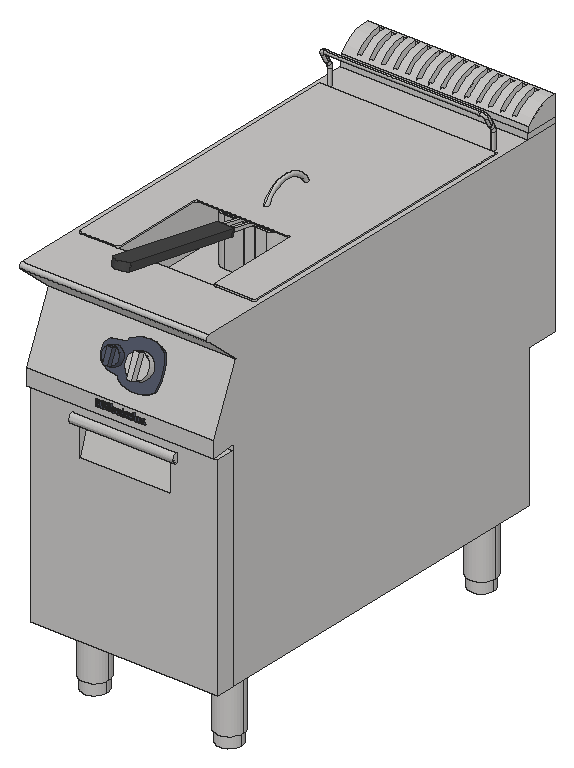
Revit family "QF_ELECTROLUXPROFESSIONAL_391077_E9FRGD1GF0", category Specialty Equipment, Revit 2018
Family settings
  Round Connector Dimension = Use Diameter
  Part Type = Normal
  Work Plane-Based = No
  Always vertical = Yes
  Cut with Voids When Loaded = No
  Shared = No
  Room Calculation Point = No
Parameters
  Width = 400 mm  # constant formula
  Weight in Pounds = 50  # constant formula
  Watts = 0 W
  URL Cutsheet = "www.electrolux.com/foodservice"
  URL = "www.electrolux.com/foodservice"
  Type Mark [instance] = ""
  Status [instance] = ""
  Specification by User [instance] = ""
  Specification by Manufacturer = ""
  Show Logo [instance] = yes
  Show Clearance [instance] = yes
  Serial Number = ""
  Seismic Rating = ""
  SMACNA No = ""
  Revision Code [instance] = ""
  Omniclass Number and Title = ""
  NAFEM Spec ID Number = ""
  Model = "391077"
  Mechanical Remarks [instance] = ""
  Mechanical Connection Type [instance] = ""
  Masterspec = ""
  Manufacturer = "ELECTROLUX"
  Item Number [instance] = ""
  Installed By [instance] = ""
  Identify Quantity as Lot [instance] = yes
  Height = 851 mm  # constant formula
  HP = "0 HP"
  Gas Size = 12.7 mm  # 1/2"
  Gas RI Height [instance] = 0 mm
  Gas KW = 14  # constant formula
  Gas Input = 13987.1 VA  # 47726.0 Btu/h
  Gas Connection Height = 0 mm
  Furnished By [instance] = ""
  Foodservice Equipment Identifier [instance] = yes
  Direct Waste Size = 0"
  Description = "900XP ONE 15 LT WELL GAS FRYER - LPG/NATURAL GAS"
  Depth = 930 mm  # constant formula
  CSI MasterFormat = ""
  CSI Master Format = ""
  Base Height [instance] = 150 mm  # constant formula
Reference planes
  plane 1 "BACK": y = 0
  plane 2: z = 0
  plane 3 "LEFT": x = 0
  plane 4 "RIGHT": x = 400
  plane 5 "FRONT": y = -930
  plane 6 "TOP": z = 908
  plane 7 "Center Y": x = 200
  plane 8 "Center X": y = -465
  plane 9 "BASE": z = 601.763
  plane 10 "TOP A": z = 851
  plane 11: z = 150
  plane 12: y = -126
  plane 13: y = -800
  plane 14: y = -1273
  plane 15: x = 344
  plane 16: x = 56
  plane 17: x = 344
  plane 18: y = -715
  plane 19: z = 921
  plane 20: z = 931
  plane 21: y = -1273
  plane 22: x = 355
  plane 23: y = -1450
Forms (mm)
  Extrusion 1, solid, material "QF_Finishes_Stainless Steel"
    sketch origin (0, 0, 0) x (0, 1, 0) y (0, 0, 1)
      loop
        line (0, 851) -> (-923.65, 851)
        arc (-923.65, 851) -> (-929.517, 847.08) -> (-928.14, 840.16) r 6.35
        line (-928.14, 840.16) -> (-852.034, 773.495) -> (-912.145, 642.892) -> (-912.145, 608.853) -> (-858.773, 614.463) -> (-858.773, 150) -> (-70, 150) -> (-70, 451.763) -> (0, 451.763) -> (0, 851)
      loop
        line (-900, 601.763) -> (-900, 150) -> (-860.361, 150) -> (-860.361, 601.763) -> (-900, 601.763)
    from 0 to 400
  Extrusion 2, void
    sketch origin (0, 0, 851) x (-1, 0, 0) y (0, -1, 0)
      loop
        line (-33.338, 141.304) -> (-33.338, 787.143) -> (-366.662, 787.143) -> (-366.662, 141.304) -> (-33.338, 141.304)
    from 0 to -152.4
  Extrusion 3, solid, material "QF_Finishes_Stainless Steel"
    sketch origin (0, 0, 851) x (-1, 0, 0) y (0, -1, 0)
      loop
        arc (-11.548, 780.793) -> (-13.408, 785.283) -> (-17.898, 787.143) r 6.35
        line (-17.898, 787.143) -> (-90.863, 787.143)
        arc (-90.863, 787.143) -> (-95.353, 785.283) -> (-97.213, 780.793) r 6.35
        line (-97.213, 780.793) -> (-97.213, 586.546)
        arc (-97.213, 586.546) -> (-99.072, 582.055) -> (-103.563, 580.196) r 6.35
        line (-103.563, 580.196) -> (-293.937, 580.196)
        arc (-293.937, 580.196) -> (-298.428, 582.055) -> (-300.287, 586.546) r 6.35
        line (-300.287, 586.546) -> (-300.287, 780.818)
        arc (-300.287, 780.818) -> (-302.14, 785.291) -> (-306.612, 787.143) r 6.325
        line (-306.612, 787.143) -> (-382.102, 787.143)
        arc (-382.102, 787.143) -> (-386.592, 785.283) -> (-388.452, 780.793) r 6.35
        line (-388.452, 780.793) -> (-388.452, 141.304) -> (-11.548, 141.304) -> (-11.548, 780.793)
    from 0 to 2.574
  Sweep 4, solid, material "QF_Finishes_Stainless Steel"
    path origin (200, 10.469, 0) x (0, 1, 0) y (0, 0, 1)
      loop
        arc (-423.261, 851) -> (-477.7, 884.779) -> (-532.139, 851) r 60.757
    profile origin (200, -467.231, 884.779) x (0, 0, -1) y (1, 0, 0)
      loop
        circle (0, 0) r 4.353
  Extrusion 5, solid, material "QF_Clearances", visible <- "Show Clearance", detail levels coarse
    sketch origin (0, 0, 0) x (1, 0, 0) y (0, 1, 0)
      loop
        line (0, -930) -> (0, 0) -> (400, 0) -> (400, -930) -> (550.019, -930) -> (550.019, 150.019) -> (-150.019, 150.019) -> (-150.019, -930) -> (0, -930)
    from 0 to 908
  Revolve 6, solid, material "QF_Finishes_Stainless Steel"
    sketch origin (0, -126, 608.09) x (0, 0, 1) y (-1, 0, 0)
      loop
        line (-608.09, -56) -> (-458.09, -56) -> (-458.09, -26) -> (-583.09, -26) -> (-583.09, -29.75) -> (-608.09, -29.75) -> (-608.09, -56)
      axis (-608.09, -56) -> (-458.09, -56)
    angle from 0 to 360
  Revolve 7, solid, material "QF_Finishes_Stainless Steel"
    sketch origin (400.05, -126, 608.09) x (0, 0, 1) y (-1, 0, 0)
      loop
        line (-608.09, 56.05) -> (-608.09, 29.8) -> (-583.09, 29.8) -> (-583.09, 26.05) -> (-458.09, 26.05) -> (-458.09, 56.05) -> (-608.09, 56.05)
      axis (-608.09, 56.05) -> (-458.09, 56.05)
    angle from 0 to 360
  Extrusion 8, solid, material "QF_Door-Drawer Clearances", visible <- "Show Clearance", detail levels coarse
    sketch origin (0, 0, 851) x (-1, 0, 0) y (0, -1, 0)
      loop
        line (-400, 1273) -> (-400, 900) -> (-0.912, 900)
        arc (-0.912, 900) -> (-126.87, 1165.233) -> (-400, 1273) r 400
    from -701 to -249.237
  Revolve 9, solid, material "QF_Finishes_Stainless Steel"
    sketch origin (400.05, -800, 608.09) x (0, 0, 1) y (-1, 0, 0)
      loop
        line (-608.09, 56.05) -> (-608.09, 29.8) -> (-583.09, 29.8) -> (-583.09, 26.05) -> (-458.09, 26.05) -> (-458.09, 56.05) -> (-608.09, 56.05)
      axis (-608.09, 56.05) -> (-458.09, 56.05)
    angle from 0 to 360
  Extrusion 10, solid, material "QF_Finishes_Stainless Steel"
    sketch origin (200, 0, 0) x (0, 1, 0) y (0, 0, 1)
      loop
        line (-71.89, 863.9) -> (-71.89, 851) -> (0, 851) -> (0, 863.9) -> (-71.89, 863.9)
    from -200 to 200
  Extrusion 11, void
    sketch origin (200, -12.863, 0) x (0, 1, 0) y (0, 0, 1)
      loop
        line (-887.138, 564.263) -> (-887.138, 500.55) -> (-863.948, 564.263) -> (-887.138, 564.263)
    from -96.424 to 99.144
  Extrusion 12, solid, material "QF_Finishes_Stainless Steel"
    sketch origin (200, -12.863, 22.5) x (0, 1, 0) y (0, 0, 1)
      loop
        line (-887.137, 541.763) -> (-887.137, 561.763)
        arc (-887.137, 561.763) -> (-897.137, 551.763) -> (-887.137, 541.763) r 10
    from -110.529 to 112.106
  Revolve 13, solid, material "QF_Finishes_Stainless Steel"
    sketch origin (0, -800, 608.09) x (0, 0, 1) y (1, 0, 0)
      loop
        line (-608.09, 56) -> (-608.09, 29.75) -> (-583.09, 29.75) -> (-583.09, 26) -> (-458.09, 26) -> (-458.09, 56) -> (-608.09, 56)
      axis (-608.09, 56) -> (-458.09, 56)
    angle from 0 to 360
  Extrusion 14, solid, material "QF_Finishes_Stainless Steel"
    sketch origin (265.958, 109.846, 107.43) x (0, 0.984808, 0.173648) y (0, -0.173648, 0.984808)
      loop
        line (-552.44, 743.096) -> (-534.513, 844.764) -> (-598.426, 869.678) -> (-600.732, 863.761) -> (-541.671, 840.739) -> (-558.694, 744.199) -> (-552.44, 743.096)
    from -80.476 to -74.619
  Extrusion 15, solid, material "QF_Finishes_Mesh"
    sketch origin (74.995, -64.779, 844.25) x (-1, 0, 0) y (0, -1, 0)
      loop
        arc (-76.6, 120.481) -> (-58.64, 127.92) -> (-51.2, 145.881) r 25.4
        line (-51.2, 145.881) -> (-51.2, 481.11)
        arc (-51.2, 481.11) -> (-58.64, 499.071) -> (-76.6, 506.51) r 25.4
        line (-76.6, 506.51) -> (-166.875, 506.51)
        arc (-166.875, 506.51) -> (-184.836, 499.071) -> (-192.275, 481.11) r 25.4
        line (-192.275, 481.11) -> (-192.275, 145.881)
        arc (-192.275, 145.881) -> (-184.836, 127.92) -> (-166.875, 120.481) r 25.4
        line (-166.875, 120.481) -> (-76.6, 120.481)
      loop
        arc (-76.6, 123.656) -> (-60.885, 130.165) -> (-54.375, 145.881) r 22.225
        line (-54.375, 145.881) -> (-54.375, 481.11)
        arc (-54.375, 481.11) -> (-60.885, 496.826) -> (-76.6, 503.335) r 22.225
        line (-76.6, 503.335) -> (-166.875, 503.335)
        arc (-166.875, 503.335) -> (-182.591, 496.826) -> (-189.1, 481.11) r 22.225
        line (-189.1, 481.11) -> (-189.1, 145.881)
        arc (-189.1, 145.881) -> (-182.591, 130.165) -> (-166.875, 123.656) r 22.225
        line (-166.875, 123.656) -> (-76.6, 123.656)
    from -109 to -5.315
  Extrusion 16, solid, material "QF_Finishes_Black"
    sketch origin (134.033, -843.725, 906.181) x (0, 0.980628, -0.195878) y (-1, 0, 0)
      loop
        arc (-64.658, -47.345) -> (-74.885, -65.962) -> (-64.658, -84.58) r 22.059
        line (-64.658, -84.58) -> (214.638, -84.58)
        arc (214.638, -84.58) -> (217.113, -83.554) -> (218.138, -81.08) r 3.5
        line (218.138, -81.08) -> (218.138, -50.854)
        arc (218.138, -50.854) -> (217.11, -48.372) -> (214.629, -47.345) r 3.509
        line (214.629, -47.345) -> (-64.658, -47.345)
    from -15.884 to 0
  Extrusion 17, solid, material "QF_Finishes_Stainless Steel"
    sketch origin (0, 0, 574.263) x (0, 1, 0) y (0, 0, 1)
      loop
        line (0, 289.638) -> (0, 333.737)
        arc (0, 333.737) -> (-39.336, 326.03) -> (-69.85, 300.038) r 79.141
        line (-69.85, 300.038) -> (-69.85, 289.638) -> (0, 289.638)
    from 0 to 400
  Extrusion 18, void
    sketch origin (0, 0, 848.9) x (0, -1, 0) y (1, 0, 0)
      loop
        line (6.761, 29.703) -> (63.911, 29.703) -> (63.911, 38.999) -> (6.761, 38.999) -> (6.761, 29.703)
      loop
        line (63.911, 64.487) -> (6.761, 64.487) -> (6.761, 55.191) -> (63.911, 55.191) -> (63.911, 64.487)
      loop
        line (63.911, 89.975) -> (6.761, 89.975) -> (6.761, 80.68) -> (63.911, 80.68) -> (63.911, 89.975)
      loop
        line (63.911, 115.464) -> (6.761, 115.464) -> (6.761, 106.168) -> (63.911, 106.168) -> (63.911, 115.464)
      loop
        line (63.911, 140.952) -> (6.761, 140.952) -> (6.761, 131.656) -> (63.911, 131.656) -> (63.911, 140.952)
      loop
        line (63.911, 166.44) -> (6.761, 166.44) -> (6.761, 157.145) -> (63.911, 157.145) -> (63.911, 166.44)
      loop
        line (63.911, 191.929) -> (6.761, 191.929) -> (6.761, 182.633) -> (63.911, 182.633) -> (63.911, 191.929)
      loop
        line (63.911, 217.417) -> (6.761, 217.417) -> (6.761, 208.121) -> (63.911, 208.121) -> (63.911, 217.417)
      loop
        line (63.911, 242.905) -> (6.761, 242.905) -> (6.761, 233.61) -> (63.911, 233.61) -> (63.911, 242.905)
      loop
        line (63.911, 268.394) -> (6.761, 268.394) -> (6.761, 259.098) -> (63.911, 259.098) -> (63.911, 268.394)
      loop
        line (63.911, 293.882) -> (6.761, 293.882) -> (6.761, 284.586) -> (63.911, 284.586) -> (63.911, 293.882)
      loop
        line (63.911, 319.37) -> (6.761, 319.37) -> (6.761, 310.075) -> (63.911, 310.075) -> (63.911, 319.37)
      loop
        line (63.911, 344.859) -> (6.761, 344.859) -> (6.761, 335.563) -> (63.911, 335.563) -> (63.911, 344.859)
      loop
        line (63.911, 370.347) -> (6.761, 370.347) -> (6.761, 361.051) -> (63.911, 361.051) -> (63.911, 370.347)
    from 25.4 to 63.5
  Sweep 19, solid, material "QF_Finishes_Stainless Steel"
    path origin (0, 0, 0) x (0, 1, 0) y (0, 0, 1)
      loop
        line (-133.218, 851) -> (-133.218, 886.76)
        arc (-133.218, 886.76) -> (-133.779, 891.022) -> (-135.424, 894.993) r 16.466
        line (-135.424, 894.993) -> (-140.718, 904.162)
    profile origin (0, -133.218, 868.88) x (0, -1, 0) y (1, 0, 0)
      loop
        circle (0.001, 25.269) r 3.999
      loop
        circle (0.001, 374.731) r 3.999
  Sweep 20, solid, material "QF_Finishes_Stainless Steel"
    path origin (0, -68.628, 777.297) x (-1, 0, 0) y (0, -0.5, 0.866025)
      loop
        line (-374.731, 144.182) -> (-374.731, 165.819)
        arc (-374.731, 165.819) -> (-372.68, 170.768) -> (-367.731, 172.819) r 7
        line (-367.731, 172.819) -> (-32.269, 172.819)
        arc (-32.269, 172.819) -> (-27.32, 170.768) -> (-25.269, 165.819) r 7
        line (-25.269, 165.819) -> (-25.269, 144.182)
    profile origin (374.731, -146.128, 911.531) x (1, 0, 0) y (0, 0.866025, 0.5)
      loop
        circle (0, 0) r 4
  Extrusion 21, solid, material "QF_Finishes_Navy Blue", visible <- "Show Logo"
    sketch origin (0, -912.145, 608.853) x (0, 0, 1) y (-1, 0, 0)
      loop
        line (27.359, -159.055) -> (14.993, -159.055)
        arc (14.993, -159.055) -> (21.176, -163.626) -> (27.359, -159.055) r 6.467
      loop
        arc (27.359, -158.426) -> (26.19, -153.283) -> (21.534, -150.805) r 6.338
        line (21.534, -150.805) -> (21.534, -152.851)
        arc (21.534, -152.851) -> (23.018, -156.506) -> (26.464, -158.426) r 5.941
        line (26.464, -158.426) -> (27.359, -158.426)
      loop
        arc (15.888, -158.426) -> (19.334, -156.506) -> (20.817, -152.851) r 5.941
        line (20.817, -152.851) -> (20.817, -150.805)
        arc (20.817, -150.805) -> (16.123, -153.279) -> (14.834, -158.426) r 6.504
        line (14.834, -158.426) -> (15.888, -158.426)
      loop
        line (28.034, -150.336) -> (14.29, -150.336) -> (14.29, -164.099) -> (28.034, -164.099) -> (28.034, -150.336)
      loop
        arc (28.118, -167.066) -> (27.77, -166.709) -> (27.403, -167.047) r 0.358
        arc (27.403, -167.047) -> (27.089, -167.797) -> (26.372, -168.182) r 1.216
        line (26.372, -168.182) -> (15.959, -168.182)
        arc (15.959, -168.182) -> (15.299, -167.904) -> (14.903, -167.308) r 1.238
        arc (14.903, -167.308) -> (14.509, -167.057) -> (14.203, -167.411) r 0.358
        line (14.203, -167.411) -> (14.203, -177.29) -> (16.954, -177.29) -> (16.954, -176.393)
        arc (16.954, -176.393) -> (16.045, -175.813) -> (15.589, -174.836) r 1.928
        line (15.589, -174.836) -> (15.589, -172.337)
        arc (15.589, -172.337) -> (15.865, -171.608) -> (16.553, -171.244) r 1.101
        line (16.553, -171.244) -> (20.64, -171.244) -> (20.64, -174.917)
        arc (20.64, -174.917) -> (20.287, -175.414) -> (19.722, -175.642) r 1.083
        arc (19.722, -175.642) -> (19.459, -175.948) -> (19.751, -176.226) r 0.292
        line (19.751, -176.226) -> (22.713, -176.226)
        arc (22.713, -176.226) -> (23.016, -175.953) -> (22.777, -175.623) r 0.305
        arc (22.777, -175.623) -> (22.286, -175.375) -> (21.981, -174.917) r 1.083
        line (21.981, -174.917) -> (21.981, -171.244) -> (26.659, -171.244) -> (26.659, -174.991)
        arc (26.659, -174.991) -> (26.444, -175.747) -> (25.838, -176.245) r 1.314
        arc (25.838, -176.245) -> (25.619, -176.649) -> (25.973, -176.941) r 0.361
        line (25.973, -176.941) -> (28.118, -176.941) -> (28.118, -167.066)
      loop
        arc (27.4, -177.722) -> (27.02, -178.641) -> (26.101, -179.021) r 1.299
        line (26.101, -179.021) -> (16.522, -179.021)
        arc (16.522, -179.021) -> (15.684, -178.643) -> (15.413, -177.765) r 1.118
        line (15.413, -177.765) -> (14.203, -177.765) -> (14.203, -183.115) -> (15.391, -183.115)
        arc (15.391, -183.115) -> (15.663, -182.198) -> (16.533, -181.802) r 1.153
        line (16.533, -181.802) -> (28.605, -181.802) -> (27.4, -177.722)
      loop
        line (19.168, -185.751) -> (19.168, -192.198) -> (19.967, -192.198)
        arc (19.967, -192.198) -> (22.547, -191.214) -> (23.816, -188.76) r 3.874
        line (23.816, -188.76) -> (23.816, -187)
        arc (23.816, -187) -> (22.629, -184.135) -> (19.765, -182.949) r 4.051
        line (19.765, -182.949) -> (17.757, -182.949)
        arc (17.757, -182.949) -> (14.938, -184.434) -> (13.887, -187.441) r 4.352
        arc (13.887, -187.441) -> (14.251, -189.904) -> (15.629, -191.978) r 5.713
        line (15.629, -191.978) -> (16.578, -191.978)
        arc (16.578, -191.978) -> (15.845, -190.409) -> (15.629, -188.691) r 5.579
        arc (15.629, -188.691) -> (16.422, -186.728) -> (18.301, -185.751) r 3.057
        line (18.301, -185.751) -> (19.168, -185.751)
      loop
        line (20.427, -185.751) -> (20.427, -189.333)
        arc (20.427, -189.333) -> (21.884, -189.38) -> (22.767, -188.221) r 1.59
        line (22.767, -188.221) -> (22.767, -187.391)
        arc (22.767, -187.391) -> (21.902, -186.136) -> (20.427, -185.751) r 2.184
      loop
        arc (23.218, -201.616) -> (23.707, -199.942) -> (23.864, -198.205) r 9.023
        line (23.864, -198.205) -> (23.864, -196.843)
        arc (23.864, -196.843) -> (22.705, -194.043) -> (19.905, -192.883) r 3.959
        line (19.905, -192.883) -> (17.305, -192.883)
        arc (17.305, -192.883) -> (15.023, -194.176) -> (13.906, -196.549) r 4.331
        line (13.906, -196.549) -> (13.906, -198.684)
        arc (13.906, -198.684) -> (14.414, -200.234) -> (15.336, -201.58) r 5.772
        arc (15.336, -201.58) -> (16.098, -201.631) -> (16.184, -200.872) r 0.553
        arc (16.184, -200.872) -> (15.796, -200.138) -> (15.662, -199.319) r 2.573
        line (15.662, -199.319) -> (15.662, -197.804)
        arc (15.662, -197.804) -> (16.668, -196.162) -> (18.483, -195.52) r 2.884
        line (18.483, -195.52) -> (19.762, -195.52)
        arc (19.762, -195.52) -> (21.583, -196.08) -> (22.509, -197.745) r 2.554
        line (22.509, -197.745) -> (22.509, -198.798)
        arc (22.509, -198.798) -> (22.178, -199.726) -> (21.521, -200.461) r 2.564
        arc (21.521, -200.461) -> (21.299, -201.178) -> (21.909, -201.616) r 0.643
        line (21.909, -201.616) -> (23.218, -201.616)
      loop
        line (22.2, -201.886) -> (22.2, -203.387) -> (16.152, -203.387)
        arc (16.152, -203.387) -> (14.564, -204.045) -> (13.906, -205.633) r 2.246
        line (13.906, -205.633) -> (13.906, -207.217)
        arc (13.906, -207.217) -> (14.22, -208.081) -> (14.72, -208.853) r 4.06
        arc (14.72, -208.853) -> (15.453, -208.986) -> (15.704, -208.285) r 0.576
        arc (15.704, -208.285) -> (15.598, -207.759) -> (15.662, -207.227) r 1.69
        arc (15.662, -207.227) -> (16.204, -206.439) -> (17.11, -206.136) r 1.506
        line (17.11, -206.136) -> (22.248, -206.136) -> (22.248, -208.533) -> (22.805, -209.089) -> (23.626, -209.089) -> (23.626, -206.23) -> (26.857, -206.23) -> (22.2, -201.886)
      loop
        line (14.124, -209.987) -> (14.124, -215.374) -> (15.234, -215.374)
        arc (15.234, -215.374) -> (15.627, -214.423) -> (16.578, -214.029) r 1.345
        line (16.578, -214.029) -> (20.195, -214.029)
        arc (20.195, -214.029) -> (20.959, -214.621) -> (21.249, -215.543) r 1.615
        line (21.249, -215.543) -> (21.249, -217.099) -> (23.805, -217.784) -> (23.805, -216.401) -> (21.862, -213.842) -> (23.742, -213.842) -> (23.458, -211.136)
        arc (23.458, -211.136) -> (23.018, -210.606) -> (22.359, -210.807) r 0.621
        arc (22.359, -210.807) -> (21.959, -211.149) -> (21.465, -211.332) r 1.501
        line (21.465, -211.332) -> (16.578, -211.332)
        arc (16.578, -211.332) -> (15.627, -210.938) -> (15.234, -209.987) r 1.345
        line (15.234, -209.987) -> (14.124, -209.987)
      loop
        line (20.225, -217.321) -> (17.533, -217.321)
        arc (17.533, -217.321) -> (15.088, -218.629) -> (13.954, -221.159) r 4.288
        arc (13.954, -221.159) -> (13.89, -222.54) -> (13.954, -223.92) r 15.022
        arc (13.954, -223.92) -> (15.088, -226.451) -> (17.533, -227.758) r 4.288
        line (17.533, -227.758) -> (20.225, -227.758)
        arc (20.225, -227.758) -> (22.671, -226.451) -> (23.805, -223.92) r 4.288
        arc (23.805, -223.92) -> (23.868, -222.54) -> (23.805, -221.159) r 15.022
        arc (23.805, -221.159) -> (22.671, -218.629) -> (20.225, -217.321) r 4.288
      loop
        line (20.43, -220.435) -> (17.328, -220.435)
        arc (17.328, -220.435) -> (15.171, -222.592) -> (17.328, -224.749) r 2.157
        line (17.328, -224.749) -> (20.43, -224.749)
        arc (20.43, -224.749) -> (22.587, -222.592) -> (20.43, -220.435) r 2.157
      loop
        arc (27.411, -227.616) -> (27.041, -228.51) -> (26.147, -228.881) r 1.264
        line (26.147, -228.881) -> (16.282, -228.881)
        arc (16.282, -228.881) -> (15.412, -228.484) -> (15.141, -227.568) r 1.153
        line (15.141, -227.568) -> (14.203, -227.568) -> (14.203, -232.676) -> (15.131, -232.676)
        arc (15.131, -232.676) -> (15.49, -231.904) -> (16.282, -231.589) r 1.153
        line (16.282, -231.589) -> (28.605, -231.589) -> (27.411, -227.616)
      loop
        arc (22.531, -232.213) -> (22.332, -233.278) -> (21.363, -233.76) r 1.215
        line (21.363, -233.76) -> (16.343, -233.76)
        arc (16.343, -233.76) -> (14.728, -234.407) -> (14.008, -235.99) r 2.338
        line (14.008, -235.99) -> (14.008, -237.505)
        arc (14.008, -237.505) -> (14.182, -238.509) -> (14.684, -239.395) r 2.979
        line (14.684, -239.395) -> (14.203, -241.192) -> (14.203, -242.88) -> (23.629, -242.88) -> (23.335, -238.677) -> (22.548, -238.677)
        arc (22.548, -238.677) -> (22.192, -239.513) -> (21.44, -240.022) r 1.605
        line (21.44, -240.022) -> (16.337, -240.022)
        arc (16.337, -240.022) -> (15.917, -239.085) -> (15.844, -238.061) r 2.94
        arc (15.844, -238.061) -> (16.405, -236.96) -> (17.558, -236.517) r 1.724
        line (17.558, -236.517) -> (23.755, -236.517) -> (22.531, -232.213)
      loop
        line (23.559, -243.734) -> (21.887, -245.78) -> (18.713, -248.086) -> (15.257, -244.974)
        arc (15.257, -244.974) -> (15.02, -244.58) -> (15.042, -244.121) r 0.789
        line (15.042, -244.121) -> (14.203, -244.121) -> (14.203, -247.666) -> (15.029, -247.666)
        arc (15.029, -247.666) -> (15.372, -247.304) -> (15.862, -247.396) r 0.52
        line (15.862, -247.396) -> (17.661, -248.867) -> (15.543, -250.242)
        arc (15.543, -250.242) -> (15.142, -249.932) -> (15.055, -249.433) r 0.7
        line (15.055, -249.433) -> (14.203, -249.433) -> (14.203, -255.36) -> (15.09, -255.36)
        arc (15.09, -255.36) -> (15.157, -254.701) -> (15.552, -254.17) r 1.247
        line (15.552, -254.17) -> (19.751, -250.889) -> (22.198, -252.942) -> (23.559, -254.684) -> (23.559, -250.96) -> (22.074, -251.383) -> (20.553, -250.106) -> (22.253, -248.916) -> (23.559, -249.692) -> (23.559, -243.734)
    from 0 to 1.644
  Extrusion 22, solid, material "QF_Finishes_Navy Blue"
    sketch origin (-315.976, -908.962, 649.81) x (0, 0.418102, 0.9084) y (-1, 0, 0)
      loop
        arc (104.355, -502.587) -> (101.326, -501.258) -> (98.25, -500.039) r 91.066
        arc (98.25, -500.039) -> (96.592, -482.449) -> (93.213, -465.107) r 179.528
        arc (93.213, -465.107) -> (69.244, -452.795) -> (45.274, -465.107) r 29.489
        arc (45.274, -465.107) -> (38.909, -481.441) -> (37.449, -498.912) r 61.044
        arc (37.449, -498.912) -> (34.471, -499.962) -> (31.532, -501.116) r 91.066
        arc (31.532, -501.116) -> (19.517, -540.223) -> (32.929, -578.873) r 65.817
        arc (32.929, -578.873) -> (68.105, -585.173) -> (102.996, -577.452) r 91.066
        arc (102.996, -577.452) -> (115.418, -540.233) -> (104.355, -502.587) r 65.546
    from 0 to 3.175
  Extrusion 23, solid, material "QF_Finishes_Stainless Steel"
    sketch origin (62.774, -912.675, 649.335) x (0, 0.418102, 0.9084) y (-1, 0, 0)
      loop
        circle (68.826, -160.963) r 25.4
    from 0 to 12.7
  Extrusion 24, solid, material "QF_Finishes_Stainless Steel"
    sketch origin (62.774, -924.212, 654.645) x (0, 0.418102, 0.9084) y (-1, 0, 0)
      loop
        arc (93.558, -166.749) -> (94.226, -160.963) -> (93.558, -155.177) r 25.4
        line (93.558, -155.177) -> (44.094, -155.177)
        arc (44.094, -155.177) -> (43.426, -160.963) -> (44.094, -166.749) r 25.4
        line (44.094, -166.749) -> (93.558, -166.749)
    from 0 to 12.7
  Extrusion 25, solid, material "QF_Finishes_Navy Blue"
    sketch origin (5.274, -912.675, 649.335) x (0, 0.418102, 0.9084) y (-1, 0, 0)
      loop
        circle (68.826, -160.963) r 18.37
    from 0 to 12.7
  Extrusion 26, solid, material "QF_Finishes_Navy Blue"
    sketch origin (3.983, -924.212, 654.645) x (0, 0.418102, 0.9084) y (-1, 0, 0)
      loop
        arc (84.808, -167.687) -> (85.476, -161.901) -> (84.808, -156.114) r 25.4
        line (84.808, -156.114) -> (52.844, -156.114)
        arc (52.844, -156.114) -> (52.176, -161.901) -> (52.844, -167.687) r 25.4
        line (52.844, -167.687) -> (84.808, -167.687)
    from 0 to 8.112
  Extrusion 27, solid, material "QF_Finishes_Stainless Steel"
    sketch origin (0, 0, 150) x (-1, 0, 0) y (0, 1, 0)
      loop
        circle (-355, -715) r 6.35
    from 0 to 15
  Extrusion 28, solid, material "QF_Finishes_Stainless Steel"
    sketch origin (134.083, 174.846, 107.43) x (0, 0.984808, 0.173648) y (0, 0.173648, -0.984808)
      loop
        line (-598.526, -856.051) -> (-616.453, -754.383) -> (-622.706, -755.486) -> (-605.684, -852.026) -> (-664.745, -875.048) -> (-662.439, -880.965) -> (-598.526, -856.051)
    from -80.476 to -74.619
  Extrusion 29, solid, material "QF_Clearances", visible <- "Show Clearance", detail levels coarse
    sketch origin (0, 0, 851) x (-1, 0, 0) y (0, -1, 0)
      loop
        line (-80, 900) -> (-80, 1450) -> (-320, 1450) -> (-320, 900) -> (-80, 900)
    from -701 to -249.238
Cuts and joins
  Extrusion 2, Extrusion 11 cuts Extrusion 1
  joined: Extrusion 3, Sweep 4, Extrusion 10
  Extrusion 18 cuts Extrusion 17
Lines and regions (mm)
  symbolic lines, style "QF_Clearances", visible <- "Show Clearance", detail levels coarse
    curve 1: line (-150.019, 150.019, 851) -> (-150.019, -930, 851)
    curve 2: line (550.019, 150.019, 851) -> (-150.019, 150.019, 851)
    curve 3: line (550.019, -930, 851) -> (550.019, 150.019, 851)
    curve 114: line (80, -1450, 851) -> (80, -930, 851)
    curve 115: line (80, -1450, 851) -> (320, -1450, 851)
    curve 116: line (320, -1450, 851) -> (320, -930, 851)
  symbolic lines
    curve 4: line (0, -930, 851) -> (0, 0, 851)
    curve 5: line (400, 0, 851) -> (400, -930, 851)
    curve 6: line (11.548, -141.304, 851) -> (11.548, -780.849, 851)
    curve 7: arc (11.548, -780.849, 851) -> (13.428, -785.386, 851) -> (17.965, -787.265, 851) r 6.416
    curve 8: line (17.965, -787.265, 851) -> (181.378, -787.265, 851)
    curve 9: arc (90.94, -787.265, 851) -> (95.375, -785.428, 851) -> (97.213, -780.993, 851) r 6.272
    curve 10: line (97.213, -780.993, 851) -> (97.213, -586.546, 851)
    curve 11: arc (97.213, -586.546, 851) -> (99.072, -582.055, 851) -> (103.563, -580.196, 851) r 6.35
    curve 12: line (103.563, -580.196, 851) -> (293.937, -580.196, 851)
    curve 13: arc (293.937, -580.196, 851) -> (298.428, -582.055, 851) -> (300.287, -586.546, 851) r 6.35
    curve 14: line (300.287, -586.546, 851) -> (300.287, -780.818, 851)
    curve 15: arc (300.287, -780.818, 851) -> (302.14, -785.291, 851) -> (306.613, -787.143, 851) r 6.325
    curve 16: arc (382.234, -787.143, 851) -> (386.63, -785.322, 851) -> (388.452, -780.925, 851) r 6.218
    curve 17: line (388.452, -780.925, 851) -> (388.452, -141.304, 851)
    curve 18: line (195.545, -520.62, 851) -> (195.545, -413.844, 851)
    curve 19: line (204.443, -413.844, 851) -> (204.443, -520.62, 851)
    curve 20: arc (195.545, -520.62, 851) -> (199.994, -525.069, 851) -> (204.443, -520.62, 851) r 4.449
    curve 21: arc (195.545, -413.844, 851) -> (199.994, -409.395, 851) -> (204.443, -413.844, 851) r 4.449
    curve 22: line (400, -930, 851) -> (0, -930, 851)
    curve 25: line (31.918, -151.038, 851) -> (368.082, -151.038, 851)
    curve 26: line (368.557, -159.052, 851) -> (31.443, -159.052, 851)
    curve 27: line (0, -71.89, 851) -> (400, -71.89, 851)
    curve 28: line (388.452, -141.304, 851) -> (378.73, -141.304, 851)
    curve 29: line (0, 0, 851) -> (400, 0, 851)
    curve 30: line (218.613, -910.241, 851) -> (218.613, -633.193, 851)
    curve 31: line (181.378, -633.202, 851) -> (181.378, -910.241, 851)
    curve 32: line (215.113, -629.813, 851) -> (184.887, -629.813, 851)
    curve 33: line (191.314, -580.196, 851) -> (191.314, -629.813, 851)
    curve 34: line (185.457, -629.813, 851) -> (185.457, -580.196, 851)
    curve 35: line (208.677, -629.813, 851) -> (208.677, -580.196, 851)
    curve 36: spline (184.887, -629.813, 851) -> (184.429, -629.842, 851) -> (183.979, -629.928, 851) -> (183.544, -630.071, 851) -> (183.133, -630.267, 851) -> (182.751, -630.513, 851) -> (182.406, -630.805, 851) -> (182.103, -631.139, 851) -> (181.848, -631.507, 851) -> (181.645, -631.905, 851) -> (181.498, -632.325, 851) -> (181.408, -632.76, 851) -> (181.378, -633.202, 851)
    curve 37: spline (218.613, -633.193, 851) -> (218.583, -632.752, 851) -> (218.494, -632.318, 851) -> (218.346, -631.9, 851) -> (218.144, -631.503, 851) -> (217.89, -631.135, 851) -> (217.588, -630.803, 851) -> (217.244, -630.511, 851) -> (216.863, -630.266, 851) -> (216.452, -630.07, 851) -> (216.019, -629.928, 851) -> (215.57, -629.842, 851) -> (215.113, -629.813, 851)
    curve 38: line (29.703, -6.761, 851) -> (38.999, -6.761, 851)
    curve 39: line (29.703, -63.911, 851) -> (29.703, -6.761, 851)
    curve 40: line (38.999, -63.911, 851) -> (29.703, -63.911, 851)
    curve 41: line (38.999, -6.761, 851) -> (38.999, -63.911, 851)
    curve 42: line (55.191, -6.761, 851) -> (64.487, -6.761, 851)
    curve 43: line (55.191, -63.911, 851) -> (55.191, -6.761, 851)
    curve 44: line (64.487, -63.911, 851) -> (55.191, -63.911, 851)
    curve 45: line (64.487, -6.761, 851) -> (64.487, -63.911, 851)
    curve 46: line (80.68, -6.761, 851) -> (89.975, -6.761, 851)
    curve 47: line (80.68, -63.911, 851) -> (80.68, -6.761, 851)
    curve 48: line (89.975, -63.911, 851) -> (80.68, -63.911, 851)
    curve 49: line (89.975, -6.761, 851) -> (89.975, -63.911, 851)
    curve 50: line (106.168, -6.761, 851) -> (115.464, -6.761, 851)
    curve 51: line (106.168, -63.911, 851) -> (106.168, -6.761, 851)
    curve 52: line (115.464, -63.911, 851) -> (106.168, -63.911, 851)
    curve 53: line (115.464, -6.761, 851) -> (115.464, -63.911, 851)
    curve 54: line (131.656, -6.761, 851) -> (140.952, -6.761, 851)
    curve 55: line (131.656, -63.911, 851) -> (131.656, -6.761, 851)
    curve 56: line (140.952, -63.911, 851) -> (131.656, -63.911, 851)
    curve 57: line (140.952, -6.761, 851) -> (140.952, -63.911, 851)
    curve 58: line (157.145, -6.761, 851) -> (166.44, -6.761, 851)
    curve 59: line (157.145, -63.911, 851) -> (157.145, -6.761, 851)
    curve 60: line (166.44, -63.911, 851) -> (157.145, -63.911, 851)
    curve 61: line (166.44, -6.761, 851) -> (166.44, -63.911, 851)
    curve 62: line (182.633, -6.761, 851) -> (191.929, -6.761, 851)
    curve 63: line (182.633, -63.911, 851) -> (182.633, -6.761, 851)
    curve 64: line (191.929, -63.911, 851) -> (182.633, -63.911, 851)
    curve 65: line (191.929, -6.761, 851) -> (191.929, -63.911, 851)
    curve 66: line (208.121, -6.761, 851) -> (217.417, -6.761, 851)
    curve 67: line (208.121, -63.911, 851) -> (208.121, -6.761, 851)
    curve 68: line (217.417, -63.911, 851) -> (208.121, -63.911, 851)
    curve 69: line (217.417, -6.761, 851) -> (217.417, -63.911, 851)
    curve 70: line (233.61, -6.761, 851) -> (242.905, -6.761, 851)
    curve 71: line (233.61, -63.911, 851) -> (233.61, -6.761, 851)
    curve 72: line (242.905, -63.911, 851) -> (233.61, -63.911, 851)
    curve 73: line (242.905, -6.761, 851) -> (242.905, -63.911, 851)
    curve 74: line (259.098, -6.761, 851) -> (268.394, -6.761, 851)
    curve 75: line (259.098, -63.911, 851) -> (259.098, -6.761, 851)
    curve 76: line (268.394, -63.911, 851) -> (259.098, -63.911, 851)
    curve 77: line (268.394, -6.761, 851) -> (268.394, -63.911, 851)
    curve 78: line (284.586, -6.761, 851) -> (293.882, -6.761, 851)
    curve 79: line (284.586, -63.911, 851) -> (284.586, -6.761, 851)
    curve 80: line (293.882, -63.911, 851) -> (284.586, -63.911, 851)
    curve 81: line (293.882, -6.761, 851) -> (293.882, -63.911, 851)
    curve 82: line (310.075, -6.761, 851) -> (319.37, -6.761, 851)
    curve 83: line (310.075, -63.911, 851) -> (310.075, -6.761, 851)
    curve 84: line (319.37, -63.911, 851) -> (310.075, -63.911, 851)
    curve 85: line (319.37, -6.761, 851) -> (319.37, -63.911, 851)
    curve 86: line (335.563, -6.761, 851) -> (344.859, -6.761, 851)
    curve 87: line (335.563, -63.911, 851) -> (335.563, -6.761, 851)
    curve 88: line (344.859, -63.911, 851) -> (335.563, -63.911, 851)
    curve 89: line (344.859, -6.761, 851) -> (344.859, -63.911, 851)
    curve 90: line (361.051, -6.761, 851) -> (370.347, -6.761, 851)
    curve 91: line (361.051, -63.911, 851) -> (361.051, -6.761, 851)
    curve 92: line (370.347, -63.911, 851) -> (361.051, -63.911, 851)
    curve 93: line (370.347, -6.761, 851) -> (370.347, -63.911, 851)
    curve 94: arc (25.269, -129.22, 851) -> (28.097, -130.391, 851) -> (29.268, -133.219, 851) r 3.999
    curve 95: arc (21.27, -133.219, 851) -> (22.442, -130.391, 851) -> (25.269, -129.22, 851) r 3.999
    curve 96: line (21.27, -133.219, 851) -> (21.27, -151.339, 851)
    curve 97: line (29.268, -133.219, 851) -> (29.268, -150.539, 851)
    curve 98: arc (31.443, -159.052, 851) -> (28.224, -158.628, 851) -> (25.225, -157.386, 851) r 12.435
    curve 99: arc (21.27, -151.339, 851) -> (22.347, -154.952, 851) -> (25.225, -157.386, 851) r 6.6
    curve 100: arc (29.268, -150.539, 851) -> (30.57, -150.912, 851) -> (31.918, -151.038, 851) r 7.291
    curve 101: arc (374.731, -129.22, 851) -> (371.903, -130.391, 851) -> (370.732, -133.219, 851) r 3.999
    curve 102: arc (378.73, -133.219, 851) -> (377.558, -130.391, 851) -> (374.731, -129.22, 851) r 3.999
    curve 103: line (378.73, -133.219, 851) -> (378.73, -151.339, 851)
    curve 104: line (370.732, -133.219, 851) -> (370.732, -150.539, 851)
    curve 105: arc (368.557, -159.052, 851) -> (371.776, -158.628, 851) -> (374.775, -157.386, 851) r 12.435
    curve 106: arc (378.73, -151.339, 851) -> (377.653, -154.952, 851) -> (374.775, -157.386, 851) r 6.6
    curve 107: arc (370.732, -150.539, 851) -> (369.43, -150.912, 851) -> (368.082, -151.038, 851) r 7.291
    curve 108: line (214.534, -580.196, 851) -> (214.534, -629.813, 851)
    curve 109: line (218.613, -787.265, 851) -> (382.234, -787.265, 851)
    curve 110: line (21.27, -141.304, 851) -> (11.548, -141.304, 851)
    curve 111: line (370.732, -141.304, 851) -> (29.268, -141.304, 851)
    curve 112: arc (181.378, -910.241, 851) -> (199.995, -920.325, 851) -> (218.613, -910.241, 851) r 22.229
    curve 113: arc (181.378, -907.13, 851) -> (199.995, -917.245, 851) -> (218.613, -907.13, 851) r 22.191
  symbolic lines, style "QF_Door-Drawer Clearances"
    curve 23: arc (4.082, -930, 851) -> (24.062, -1009.639, 851) -> (59.881, -1083.521, 851) r 400
    curve 24: line (59.881, -1083.521, 851) -> (325.76, -930, 851)
Dimensions and locks
  equal spacing: plane 3 "LEFT", plane 7 "Center Y", plane 4 "RIGHT"
  "Width": plane 3 "LEFT" to plane 4 "RIGHT"
  equal spacing: plane 5 "FRONT", plane 8 "Center X", plane 1 "BACK"
  "Depth": plane 5 "FRONT" to plane 1 "BACK"
  plane 1 "BACK" to plane 5 "FRONT" = 930 mm
  "Base Height": plane 11 to level
  plane 1 "BACK" to plane 12 = 126 mm
  plane 12 to plane 13 to cut or joined group of Extrusion 1, Extrusion 2, Extrusion 11 = 674 mm, 100 mm
  locked: plane 14 to plane 5 "FRONT" at 343
  plane 4 "RIGHT" to plane 15 = 56 mm
  plane 17 to plane 16 = 288 mm
  plane 16 to plane 3 "LEFT" = 56 mm
  plane 1 "BACK" to plane 18 = 715 mm
  plane 19 to plane 10 "TOP A" = 70 mm
  plane 10 "TOP A" to plane 20 = 80 mm
  plane 5 "FRONT" to plane 1 "BACK" = 930 mm
  plane 4 "RIGHT" to plane 3 "LEFT" = 400 mm
  plane 5 "FRONT" to plane 21 = 343 mm
  plane 1 "BACK" to curve 2 = 150.019 mm
  plane 4 "RIGHT" to curve 3 = 150.019 mm
  curve 1 to plane 3 "LEFT" = 150.019 mm
  Extrusion 27 sketch curve to plane 1 "BACK" = 715 mm
  Extrusion 27 sketch curve to plane 4 "RIGHT" = 45 mm
  Extrusion 27 to plane 11 = 15 mm
  "Height": plane 10 "TOP A" to level
  plane 10 "TOP A" to plane 11 = 701 mm
  plane 10 "TOP A" to plane 11 to level = 701 mm, 150 mm
  plane 22 to plane 4 "RIGHT" = 45 mm
  plane 5 "FRONT" to plane 23 = 520 mm
  plane 6 "TOP" to level = 908 mm
  aligned and locked: level to plane 2
  aligned and locked: plane 4 "RIGHT" to Extrusion 1
  aligned and locked: plane 6 "TOP" to Extrusion 5
  aligned and locked: plane 13 to Revolve 9
  aligned and locked: plane 12 to Revolve 6
  aligned and locked: plane 12 to Revolve 7
  aligned and locked: plane 4 "RIGHT" to Extrusion 10
  aligned and locked: plane 14 to Extrusion 8 sketch curve
  aligned and locked: plane 13 to Revolve 13
  aligned and locked: Extrusion 14 to Extrusion 16
Automatic sketch dimensions
  Extrusion 1 sketch curve to plane 10 "TOP A" = 0 mm
  Extrusion 1 sketch curve to plane 9 "BASE" = 0 mm
  Extrusion 1 sketch curve to plane 11 = 0 mm  (x2)
  Extrusion 1 sketch curve to plane 1 "BACK" = 0 mm
  Extrusion 1 sketch curve to plane 12 = 56 mm
  plane 13 to Extrusion 1 sketch curve = 52.034 mm
  plane 13 to Extrusion 1 sketch curve = 58.773 mm
  Extrusion 1 sketch curve to Extrusion 1 sketch curve = 1.588 mm
  Extrusion 1 sketch curve to plane 5 "FRONT" = 30 mm
  plane 9 "BASE" to Extrusion 1 sketch curve = 7.09 mm
  Extrusion 1 sketch curve to Extrusion 1 sketch curve = 12.145 mm
  Extrusion 1 sketch curve to plane 5 "FRONT" = 6.35 mm
  Extrusion 1 sketch curve to plane 5 "FRONT" = 1.86 mm
  Extrusion 1 sketch curve to plane 9 "BASE" = 150 mm
  plane 9 "BASE" to Extrusion 1 sketch curve = 12.7 mm
  Extrusion 1 sketch curve to Extrusion 1 sketch curve = 34.039 mm
  Extrusion 1 sketch curve to plane 10 "TOP A" = 77.505 mm
  Extrusion 1 sketch curve to plane 10 "TOP A" = 10.84 mm
  Extrusion 2 sketch curve to plane 22 = 11.663 mm
  Extrusion 2 sketch curve to plane 16 = 22.662 mm
  plane 12 to Extrusion 2 sketch curve = 15.304 mm
  Extrusion 2 sketch curve to plane 13 = 12.857 mm
  Extrusion 3 sketch curve to plane 4 "RIGHT" = 11.548 mm
  Extrusion 3 sketch curve to Extrusion 3 sketch curve = 6.35 mm  (x3)
  Extrusion 3 sketch curve to plane 13 = 12.857 mm
  Extrusion 3 sketch curve to plane 15 = 37.387 mm
  Extrusion 3 sketch curve to plane 15 = 43.712 mm
  plane 16 to Extrusion 3 sketch curve = 47.563 mm
  Extrusion 3 sketch curve to plane 13 = 19.207 mm
  plane 16 to Extrusion 3 sketch curve = 41.213 mm
  plane 3 "LEFT" to Extrusion 3 sketch curve = 17.898 mm
  plane 3 "LEFT" to Extrusion 3 sketch curve = 11.548 mm
  plane 12 to Extrusion 3 sketch curve = 15.304 mm
  Sweep 4 sketch curve to plane 10 "TOP A" = 0 mm  (x2)
  Sweep 4 sketch curve to plane 8 "Center X" = 2.231 mm
  Sweep 4 sketch curve to plane 10 "TOP A" = 26.978 mm
  Sweep 4 sketch curve to plane 7 "Center Y" = 0 mm
  Sweep 4 sketch curve to profile plane = 0 mm
  plane 5 "FRONT" to Extrusion 5 sketch curve = 0 mm  (x2)
  plane 1 "BACK" to Extrusion 5 sketch curve = 0 mm
  Extrusion 5 sketch curve to plane 3 "LEFT" = 0 mm
  Extrusion 5 sketch curve to plane 4 "RIGHT" = 0 mm
  Extrusion 5 sketch curve to plane 3 "LEFT" = 150.019 mm
  plane 4 "RIGHT" to Extrusion 5 sketch curve = 150.019 mm
  Extrusion 5 sketch curve to plane 1 "BACK" = 150.019 mm
  Revolve 6 sketch curve to level = 0 mm
  Revolve 6 sketch curve to plane 11 = 0 mm  (x2)
  Revolve 6 sketch curve to plane 16 = 0 mm  (x2)
  level to Revolve 6 sketch curve = 25 mm
  plane 11 to Revolve 6 sketch curve = 20 mm
  Revolve 6 sketch curve to plane 16 = 26.25 mm
  plane 3 "LEFT" to Revolve 6 sketch curve = 26 mm
  Revolve 7 sketch curve to level = 0 mm
  Revolve 7 sketch curve to plane 11 = 0 mm  (x2)
  Revolve 7 sketch curve to plane 15 = 0 mm  (x2)
  level to Revolve 7 sketch curve = 25 mm
  plane 11 to Revolve 7 sketch curve = 20 mm
  Revolve 7 sketch curve to plane 22 = 15.25 mm
  Revolve 7 sketch curve to plane 22 = 19 mm
  Extrusion 8 sketch curve to plane 4 "RIGHT" = 0 mm
  plane 3 "LEFT" to Extrusion 8 sketch curve = 0.912 mm
  Extrusion 8 sketch curve to plane 5 "FRONT" = 30 mm
  Revolve 9 sketch curve to level = 0 mm
  Revolve 9 sketch curve to plane 11 = 0 mm  (x2)
  Revolve 9 sketch curve to plane 15 = 0 mm  (x2)
  level to Revolve 9 sketch curve = 25 mm
  plane 11 to Revolve 9 sketch curve = 20 mm
  Revolve 9 sketch curve to plane 22 = 15.25 mm
  Revolve 9 sketch curve to plane 22 = 19 mm
  Extrusion 10 sketch curve to plane 10 "TOP A" = 0 mm
  Extrusion 10 sketch curve to plane 1 "BACK" = 0 mm
  plane 10 "TOP A" to Extrusion 10 sketch curve = 12.9 mm
  Extrusion 10 sketch curve to plane 12 = 54.11 mm
  Extrusion 11 sketch curve to plane 5 "FRONT" = 30 mm
  Extrusion 11 sketch curve to Extrusion 11 sketch curve = 23.189 mm
  Extrusion 11 sketch curve to plane 9 "BASE" = 101.212 mm
  Extrusion 11 sketch curve to plane 9 "BASE" = 37.5 mm
  Extrusion 12 sketch curve to plane 5 "FRONT" = 30 mm
  Extrusion 12 sketch curve to plane 9 "BASE" = 37.5 mm
  Extrusion 12 sketch curve to Extrusion 12 sketch curve = 10 mm
  Revolve 13 sketch curve to level = 0 mm
  Revolve 13 sketch curve to plane 11 = 0 mm  (x2)
  plane 16 to Revolve 13 sketch curve = 0 mm  (x2)
  level to Revolve 13 sketch curve = 25 mm
  plane 11 to Revolve 13 sketch curve = 20 mm
  Revolve 13 sketch curve to plane 16 = 26.25 mm
  plane 3 "LEFT" to Revolve 13 sketch curve = 26 mm
  plane 10 "TOP A" to Extrusion 14 sketch curve = 2.752 mm
  Extrusion 14 sketch curve to Extrusion 14 sketch curve = 2.306 mm
  Extrusion 14 sketch curve to Extrusion 14 sketch curve = 42.039 mm
  Extrusion 14 sketch curve to Extrusion 14 sketch curve = 6.254 mm
  Extrusion 14 sketch curve to Extrusion 14 sketch curve = 59.061 mm
  Extrusion 15 sketch curve to Extrusion 15 sketch curve = 0 mm  (x10)
  plane 7 "Center Y" to Extrusion 15 sketch curve = 67.271 mm
  Extrusion 15 sketch curve to Extrusion 15 sketch curve = 3.175 mm
  Extrusion 15 sketch curve to Extrusion 15 sketch curve = 22.225 mm  (x3)
  Extrusion 15 sketch curve to plane 7 "Center Y" = 48.404 mm  (x2)
  plane 12 to Extrusion 15 sketch curve = 84.66 mm
  Extrusion 16 sketch curve to plane 7 "Center Y" = 18.622 mm
  plane 7 "Center Y" to Extrusion 16 sketch curve = 18.613 mm
  Extrusion 16 sketch curve to Extrusion 16 sketch curve = 0 mm
  Extrusion 16 sketch curve to Extrusion 16 sketch curve = 11.832 mm
  Extrusion 16 sketch curve to plane 7 "Center Y" = 15.113 mm
  Extrusion 16 sketch curve to Extrusion 16 sketch curve = 267.454 mm
  Extrusion 16 sketch curve to Extrusion 16 sketch curve = 3.5 mm
  Extrusion 17 sketch curve to plane 1 "BACK" = 0 mm
  Extrusion 17 sketch curve to plane 6 "TOP" = 0 mm
  plane 1 "BACK" to Extrusion 17 sketch curve = 4.947 mm
  plane 10 "TOP A" to Extrusion 17 sketch curve = 23.3 mm
  plane 1 "BACK" to Extrusion 17 sketch curve = 69.85 mm
  plane 10 "TOP A" to Extrusion 17 sketch curve = 12.9 mm
  plane 1 "BACK" to Extrusion 18 sketch curve = 6.761 mm  (x14)
  plane 7 "Center Y" to Extrusion 18 sketch curve = 17.417 mm
  Extrusion 18 sketch curve to Extrusion 18 sketch curve = 57.15 mm
  Extrusion 18 sketch curve to plane 7 "Center Y" = 8.071 mm
  Extrusion 18 sketch curve to Extrusion 18 sketch curve = 0 mm  (x13)
  plane 15 to Extrusion 18 sketch curve = 0.859 mm
  Extrusion 18 sketch curve to Extrusion 18 sketch curve = 9.296 mm  (x11)
  Extrusion 18 sketch curve to Extrusion 18 sketch curve = 16.193 mm  (x9)
  plane 16 to Extrusion 18 sketch curve = 8.487 mm
  Extrusion 18 sketch curve to plane 16 = 0.809 mm
  plane 7 "Center Y" to Extrusion 18 sketch curve = 8.121 mm
  Extrusion 18 sketch curve to plane 15 = 8.437 mm
  Extrusion 18 sketch curve to plane 22 = 6.051 mm
  Sweep 19 sketch curve to plane 10 "TOP A" = 0 mm
  plane 12 to Sweep 19 sketch curve = 23.684 mm
  Sweep 19 sketch curve to plane 6 "TOP" = 3.838 mm
  plane 12 to Sweep 19 sketch curve = 14.718 mm
  plane 12 to Sweep 19 sketch curve = 9.424 mm
  plane 12 to Sweep 19 sketch curve = 7.218 mm
  Sweep 19 sketch curve to Sweep 19 sketch curve = 17.402 mm
  Sweep 19 sketch curve to Sweep 19 sketch curve = 0 mm  (x4)
  profile plane to Sweep 19 sketch curve = 3.998 mm  (x2)
  Sweep 19 sketch curve to profile plane = 0.001 mm  (x2)
  plane 3 "LEFT" to Sweep 19 sketch curve = 25.269 mm
  Sweep 19 sketch curve to Sweep 19 sketch curve = 349.461 mm
  Sweep 20 sketch curve to plane 22 = 19.731 mm
  Sweep 20 sketch curve to Sweep 20 sketch curve = 7 mm  (x2)
  Sweep 20 sketch curve to plane 16 = 23.731 mm
  Sweep 20 sketch curve to Sweep 20 sketch curve = 0 mm
  Sweep 20 sketch curve to Sweep 20 sketch curve = 21.637 mm
  Sweep 20 sketch curve to profile plane = 0 mm  (x2)
  plane 9 "BASE" to Extrusion 21 sketch curve = 15.936 mm
  plane 9 "BASE" to Extrusion 21 sketch curve = 20.977 mm
  plane 7 "Center Y" to Extrusion 21 sketch curve = 7.217 mm
  Extrusion 21 sketch curve to Extrusion 21 sketch curve = 5.06 mm
  Extrusion 21 sketch curve to plane 7 "Center Y" = 3.451 mm
  Extrusion 21 sketch curve to Extrusion 21 sketch curve = 0 mm  (x28)
  Extrusion 21 sketch curve to Extrusion 21 sketch curve = 5.108 mm  (x2)
  Extrusion 21 sketch curve to Extrusion 21 sketch curve = 0.054 mm
  Extrusion 21 sketch curve to Extrusion 21 sketch curve = 0.218 mm
  Extrusion 21 sketch curve to Extrusion 21 sketch curve = 0.195 mm
  Extrusion 21 sketch curve to Extrusion 21 sketch curve = 0.249 mm
  Extrusion 21 sketch curve to Extrusion 21 sketch curve = 0.316 mm
  Extrusion 21 sketch curve to Extrusion 21 sketch curve = 0.087 mm
  Extrusion 21 sketch curve to Extrusion 21 sketch curve = 0.358 mm
  Extrusion 21 sketch curve to Extrusion 21 sketch curve = 0.481 mm
  Extrusion 21 sketch curve to Extrusion 21 sketch curve = 0.597 mm
  Extrusion 21 sketch curve to Extrusion 21 sketch curve = 0.544 mm
  Extrusion 21 sketch curve to Extrusion 21 sketch curve = 0.936 mm
  Extrusion 21 sketch curve to Extrusion 21 sketch curve = 0.594 mm
  Extrusion 21 sketch curve to Extrusion 21 sketch curve = 0.343 mm
  Extrusion 21 sketch curve to Extrusion 21 sketch curve = 0.159 mm
  Extrusion 21 sketch curve to Extrusion 21 sketch curve = 0.826 mm
  Extrusion 21 sketch curve to Extrusion 21 sketch curve = 0.839 mm
  Extrusion 21 sketch curve to Extrusion 21 sketch curve = 0.852 mm
  Extrusion 21 sketch curve to Extrusion 21 sketch curve = 0.887 mm
  Extrusion 21 sketch curve to Extrusion 21 sketch curve = 0.928 mm
  Extrusion 21 sketch curve to Extrusion 21 sketch curve = 0.938 mm
  Extrusion 21 sketch curve to Extrusion 21 sketch curve = 0.444 mm
  Extrusion 21 sketch curve to Extrusion 21 sketch curve = 1.11 mm  (x3)
  Extrusion 21 sketch curve to Extrusion 21 sketch curve = 0.215 mm
  plane 7 "Center Y" to Extrusion 21 sketch curve = 1.58 mm
  Extrusion 21 sketch curve to Extrusion 21 sketch curve = 1.43 mm
  Extrusion 21 sketch curve to Extrusion 21 sketch curve = 1.188 mm
  Extrusion 21 sketch curve to Extrusion 21 sketch curve = 1.21 mm  (x2)
  Extrusion 21 sketch curve to Extrusion 21 sketch curve = 0.503 mm
  Extrusion 21 sketch curve to Extrusion 21 sketch curve = 0.488 mm
  Extrusion 21 sketch curve to Extrusion 21 sketch curve = 0.462 mm
  Extrusion 21 sketch curve to Extrusion 21 sketch curve = 1.386 mm
  Extrusion 21 sketch curve to Extrusion 21 sketch curve = 1.742 mm  (x2)
  Extrusion 21 sketch curve to Extrusion 21 sketch curve = 0.821 mm
  Extrusion 21 sketch curve to Extrusion 21 sketch curve = 0.497 mm
  Extrusion 21 sketch curve to Extrusion 21 sketch curve = 0.539 mm
  Extrusion 21 sketch curve to Extrusion 21 sketch curve = 0.199 mm
  Extrusion 21 sketch curve to Extrusion 21 sketch curve = 0.408 mm
  Extrusion 21 sketch curve to Extrusion 21 sketch curve = 0.528 mm
  Extrusion 21 sketch curve to Extrusion 21 sketch curve = 1.16 mm
  Extrusion 21 sketch curve to Extrusion 21 sketch curve = 0.329 mm
  Extrusion 21 sketch curve to Extrusion 21 sketch curve = 1.054 mm
  Extrusion 21 sketch curve to Extrusion 21 sketch curve = 1.056 mm
  Extrusion 21 sketch curve to Extrusion 21 sketch curve = 0.129 mm
  Extrusion 21 sketch curve to Extrusion 21 sketch curve = 0.489 mm
  Extrusion 21 sketch curve to Extrusion 21 sketch curve = 0.441 mm
  Extrusion 21 sketch curve to Extrusion 21 sketch curve = 1.151 mm
  Extrusion 21 sketch curve to Extrusion 21 sketch curve = 1.141 mm  (x2)
  Extrusion 21 sketch curve to Extrusion 21 sketch curve = 0.768 mm
  Extrusion 21 sketch curve to Extrusion 21 sketch curve = 1.653 mm
  Extrusion 21 sketch curve to Extrusion 21 sketch curve = 0.499 mm
  Extrusion 21 sketch curve to Extrusion 21 sketch curve = 0.964 mm
  Extrusion 21 sketch curve to Extrusion 21 sketch curve = 0.949 mm
  Extrusion 21 sketch curve to Extrusion 21 sketch curve = 1.345 mm  (x2)
  Extrusion 21 sketch curve to Extrusion 21 sketch curve = 1.101 mm
  Extrusion 21 sketch curve to Extrusion 21 sketch curve = 0.432 mm
  Extrusion 21 sketch curve to Extrusion 21 sketch curve = 1.142 mm
  Extrusion 21 sketch curve to Extrusion 21 sketch curve = 0.959 mm
  Extrusion 21 sketch curve to Extrusion 21 sketch curve = 0.176 mm
  Extrusion 21 sketch curve to Extrusion 21 sketch curve = 0.728 mm
  Extrusion 21 sketch curve to Extrusion 21 sketch curve = 3.375 mm  (x2)
  Extrusion 21 sketch curve to Extrusion 21 sketch curve = 0.541 mm
  Extrusion 21 sketch curve to Extrusion 21 sketch curve = 0.955 mm
  Extrusion 21 sketch curve to Extrusion 21 sketch curve = 1.251 mm
  Extrusion 21 sketch curve to Extrusion 21 sketch curve = 0.572 mm
  Extrusion 21 sketch curve to Extrusion 21 sketch curve = 1.92 mm
  Extrusion 21 sketch curve to Extrusion 21 sketch curve = 1.224 mm
  Extrusion 21 sketch curve to Extrusion 21 sketch curve = 0.745 mm
  Extrusion 21 sketch curve to Extrusion 21 sketch curve = 2.537 mm
  Extrusion 21 sketch curve to Extrusion 21 sketch curve = 0.896 mm  (x3)
  Extrusion 21 sketch curve to plane 7 "Center Y" = 0.681 mm
  Extrusion 21 sketch curve to Extrusion 21 sketch curve = 2.607 mm
  Extrusion 21 sketch curve to Extrusion 21 sketch curve = 0.066 mm
  Extrusion 21 sketch curve to Extrusion 21 sketch curve = 0.248 mm
  Extrusion 21 sketch curve to Extrusion 21 sketch curve = 0.449 mm
  Extrusion 21 sketch curve to Extrusion 21 sketch curve = 1.052 mm
  Extrusion 21 sketch curve to Extrusion 21 sketch curve = 1.863 mm
  Extrusion 21 sketch curve to Extrusion 21 sketch curve = 1.31 mm  (x2)
  Extrusion 21 sketch curve to Extrusion 21 sketch curve = 0.901 mm
  Extrusion 21 sketch curve to Extrusion 21 sketch curve = 1.107 mm
  Extrusion 21 sketch curve to Extrusion 21 sketch curve = 2.122 mm
  Extrusion 21 sketch curve to Extrusion 21 sketch curve = 2.101 mm
  Extrusion 21 sketch curve to Extrusion 21 sketch curve = 0.106 mm
  Extrusion 21 sketch curve to Extrusion 21 sketch curve = 0.029 mm
  Extrusion 21 sketch curve to Extrusion 21 sketch curve = 2.09 mm
  Extrusion 21 sketch curve to Extrusion 21 sketch curve = 1.279 mm
  Extrusion 21 sketch curve to Extrusion 21 sketch curve = 2.008 mm
  Extrusion 21 sketch curve to Extrusion 21 sketch curve = 0.738 mm
  Extrusion 21 sketch curve to Extrusion 21 sketch curve = 0.382 mm
  Extrusion 21 sketch curve to Extrusion 21 sketch curve = 0.384 mm
  Extrusion 21 sketch curve to Extrusion 21 sketch curve = 0.002 mm
  Extrusion 21 sketch curve to Extrusion 21 sketch curve = 0.561 mm
  Extrusion 21 sketch curve to Extrusion 21 sketch curve = 0.592 mm
  Extrusion 21 sketch curve to Extrusion 21 sketch curve = 2.692 mm
  Extrusion 21 sketch curve to Extrusion 21 sketch curve = 1.259 mm
  Extrusion 21 sketch curve to Extrusion 21 sketch curve = 0.802 mm
  Extrusion 21 sketch curve to Extrusion 21 sketch curve = 1.024 mm  (x2)
  Extrusion 21 sketch curve to Extrusion 21 sketch curve = 0.682 mm
  Extrusion 21 sketch curve to Extrusion 21 sketch curve = 5.934 mm
  Extrusion 21 sketch curve to Extrusion 21 sketch curve = 2.186 mm
  Extrusion 21 sketch curve to Extrusion 21 sketch curve = 0.337 mm
  Extrusion 21 sketch curve to Extrusion 21 sketch curve = 0.021 mm
  Extrusion 21 sketch curve to Extrusion 21 sketch curve = 1.005 mm
  Extrusion 21 sketch curve to Extrusion 21 sketch curve = 0.552 mm
  Extrusion 21 sketch curve to Extrusion 21 sketch curve = 0.778 mm
  Extrusion 21 sketch curve to Extrusion 21 sketch curve = 0.063 mm
  Extrusion 21 sketch curve to Extrusion 21 sketch curve = 1.023 mm
  Extrusion 21 sketch curve to Extrusion 21 sketch curve = 3.804 mm
  Extrusion 21 sketch curve to Extrusion 21 sketch curve = 0.486 mm
  Extrusion 21 sketch curve to Extrusion 21 sketch curve = 0.266 mm  (x2)
  plane 7 "Center Y" to Extrusion 21 sketch curve = 0.461 mm
  Extrusion 21 sketch curve to Extrusion 21 sketch curve = 1.547 mm
  Extrusion 21 sketch curve to Extrusion 21 sketch curve = 0.717 mm  (x2)
  Extrusion 21 sketch curve to Extrusion 21 sketch curve = 1.667 mm
  Extrusion 21 sketch curve to Extrusion 21 sketch curve = 3.174 mm
  Extrusion 21 sketch curve to Extrusion 21 sketch curve = 0.388 mm
  Extrusion 21 sketch curve to Extrusion 21 sketch curve = 1.342 mm
  Extrusion 21 sketch curve to Extrusion 21 sketch curve = 1.521 mm
  Extrusion 21 sketch curve to Extrusion 21 sketch curve = 0.124 mm
  Extrusion 21 sketch curve to Extrusion 21 sketch curve = 0.291 mm
  plane 7 "Center Y" to Extrusion 21 sketch curve = 8.533 mm
  Extrusion 21 sketch curve to Extrusion 21 sketch curve = 1.049 mm  (x2)
  Extrusion 21 sketch curve to Extrusion 21 sketch curve = 1.7 mm
  Extrusion 21 sketch curve to Extrusion 21 sketch curve = 0.894 mm
  Extrusion 21 sketch curve to plane 7 "Center Y" = 1.202 mm
  Extrusion 21 sketch curve to Extrusion 21 sketch curve = 0.989 mm
  Extrusion 21 sketch curve to Extrusion 21 sketch curve = 1.168 mm
  Extrusion 21 sketch curve to Extrusion 21 sketch curve = 1.594 mm
  Extrusion 21 sketch curve to Extrusion 21 sketch curve = 0.731 mm
  Extrusion 21 sketch curve to Extrusion 21 sketch curve = 1.566 mm
  Extrusion 21 sketch curve to Extrusion 21 sketch curve = 0.064 mm
  plane 7 "Center Y" to Extrusion 21 sketch curve = 9.089 mm
  Extrusion 21 sketch curve to Extrusion 21 sketch curve = 0.556 mm  (x2)
  Extrusion 21 sketch curve to Extrusion 21 sketch curve = 0.48 mm
  Extrusion 21 sketch curve to Extrusion 21 sketch curve = 1.018 mm
  Extrusion 21 sketch curve to Extrusion 21 sketch curve = 0.787 mm
  Extrusion 21 sketch curve to Extrusion 21 sketch curve = 0.618 mm
  Extrusion 21 sketch curve to Extrusion 21 sketch curve = 1.672 mm
  Extrusion 21 sketch curve to Extrusion 21 sketch curve = 1.361 mm
  Extrusion 21 sketch curve to Extrusion 21 sketch curve = 0.822 mm
  Extrusion 21 sketch curve to Extrusion 21 sketch curve = 0.069 mm
  Extrusion 21 sketch curve to Extrusion 21 sketch curve = 1.88 mm
  Extrusion 21 sketch curve to Extrusion 21 sketch curve = 0.42 mm
  Extrusion 21 sketch curve to Extrusion 21 sketch curve = 0.062 mm
  Extrusion 21 sketch curve to Extrusion 21 sketch curve = 1.355 mm
  Extrusion 21 sketch curve to Extrusion 21 sketch curve = 2.34 mm
  Extrusion 21 sketch curve to Extrusion 21 sketch curve = 0.493 mm
  Extrusion 21 sketch curve to Extrusion 21 sketch curve = 0.136 mm
  Extrusion 21 sketch curve to Extrusion 21 sketch curve = 0.128 mm
  Extrusion 21 sketch curve to Extrusion 21 sketch curve = 3.616 mm
  Extrusion 21 sketch curve to Extrusion 21 sketch curve = 4.207 mm
  Extrusion 21 sketch curve to Extrusion 21 sketch curve = 0.183 mm
  Extrusion 21 sketch curve to Extrusion 21 sketch curve = 0.895 mm
  Extrusion 21 sketch curve to Extrusion 21 sketch curve = 1.314 mm
  Extrusion 21 sketch curve to Extrusion 21 sketch curve = 3.231 mm
  Extrusion 21 sketch curve to Extrusion 21 sketch curve = 1.299 mm
  Extrusion 21 sketch curve to Extrusion 21 sketch curve = 1.214 mm
  Extrusion 21 sketch curve to Extrusion 21 sketch curve = 1.264 mm
  Extrusion 21 sketch curve to Extrusion 21 sketch curve = 0.109 mm
  Extrusion 21 sketch curve to Extrusion 21 sketch curve = 0.357 mm
  Extrusion 21 sketch curve to Extrusion 21 sketch curve = 0.565 mm
  Extrusion 21 sketch curve to Extrusion 21 sketch curve = 2.504 mm
  Extrusion 21 sketch curve to Extrusion 21 sketch curve = 2.459 mm
  Extrusion 21 sketch curve to Extrusion 21 sketch curve = 1.322 mm
